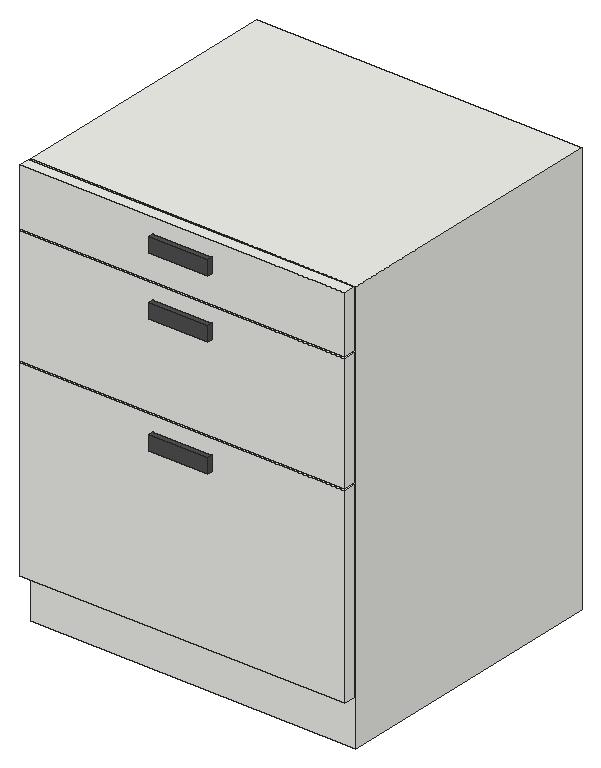
Revit family
Parameters (values of type "20" x 30" x 36"")
  Assembly Code = "E2020"
  Cabinet Material = Metal - Paint Finish - Ivory, Glossy
  Depth = 1' - 8"
  Handles Material = Metal - Chrome
  Height = 2' - 4"
  Width = 1' - 10"
Types (7): name | Height | Width
  (no name) | 2' - 4" | 1' - 10"
  20" x 36" x 36" | 3' - 0" | 3' - 0"
  20" x 42" x 36" | 3' - 0" | 3' - 6"
  20" x 30" x 36" | 2' - 4" | 1' - 10"
  20" x 30" x 45" | 3' - 9" | 2' - 6"
  20" x 36" x 45" | 3' - 9" | 3' - 0"
  20" x 42" x 45" | 3' - 9" | 3' - 6"
Reference planes (in)
  plane 1 "Center (Front/Back)": y = -36.78419
  plane 2: z = 0
  plane 3 "Center (Left/Right)": x = -7.0875
  plane 4: x = -18.0875
  plane 5: x = 3.9125
  plane 6: y = -46.78419
  plane 7: y = -26.78419
  plane 8: z = 3
  plane 9: z = 16
  plane 10: z = 24
  plane 11: z = 28
  plane 12: z = 28
Forms (in)
  Extrusion 1, solid, material "Metal - Paint Finish - Ivory, Glossy" <- "Cabinet Material"
    sketch origin (0, 0, 0) x (1, 0, 0) y (0, 1, 0)
      loop
        line (-18.0875, -26.78419) -> (-18.0875, -45.90919) -> (3.9125, -45.90919) -> (3.9125, -26.78419) -> (-18.0875, -26.78419)
    from 0 to 28
  Extrusion 2, solid, material "Metal - Paint Finish - Ivory, Glossy" <- "Cabinet Material"
    sketch origin (-18.0875, -46.78419, 28) x (0, 0, -1) y (1, 0, 0)
      loop
        line (3.875, 0) -> (3.875, 22) -> (0, 22) -> (0, 0) -> (3.875, 0)
    from 0 to -0.75
  Extrusion 3, solid, material "Metal - Paint Finish - Ivory, Glossy" <- "Cabinet Material"
    sketch origin (-18.0875, -46.78419, 28) x (0, 0, -1) y (1, 0, 0)
      loop
        line (4, 0) -> (11.875, 0) -> (11.875, 22) -> (4, 22) -> (4, 0)
    from 0 to -0.75
  Extrusion 4, solid, material "Metal - Paint Finish - Ivory, Glossy" <- "Cabinet Material"
    sketch origin (-18.0875, -46.78419, 28) x (0, 0, -1) y (1, 0, 0)
      loop
        line (12, 0) -> (24.875, 0) -> (24.875, 22) -> (12, 22) -> (12, 0)
    from 0 to -0.75
  Extrusion 5, solid, material "Metal - Chrome" <- "Handles Material"
    sketch origin (0, -46.78419, 0) x (1, 0, 0) y (0, 0, 1)
      loop
        line (-9.0875, 27) -> (-9.0875, 26) -> (-5.0875, 26) -> (-5.0875, 27) -> (-9.0875, 27)
      loop
        line (-9.0875, 23) -> (-9.0875, 22) -> (-5.0875, 22) -> (-5.0875, 23) -> (-9.0875, 23)
      loop
        line (-9.0875, 15) -> (-9.0875, 14) -> (-5.0875, 14) -> (-5.0875, 15) -> (-9.0875, 15)
    from 0 to 0.375
Lines and regions (in)
  Masking region 1
    outline origin (0, 0, 0) x (1, 0, 0) y (0, 1, 0)
      loop
        line (-18.0875, -26.78419) -> (-18.0875, -46.78419) -> (3.9125, -46.78419) -> (3.9125, -26.78419) -> (-18.0875, -26.78419)
  model lines
    curve 1: line (-9.0875, -46.78419, 15) -> (-5.0875, -46.78419, 15)
    curve 2: line (-9.0875, -46.78419, 14) -> (-9.0875, -46.78419, 15)
    curve 3: line (-5.0875, -46.78419, 14) -> (-9.0875, -46.78419, 14)
    curve 4: line (-5.0875, -46.78419, 15) -> (-5.0875, -46.78419, 14)
    curve 5: line (-9.0875, -46.78419, 23) -> (-5.0875, -46.78419, 23)
    curve 6: line (-9.0875, -46.78419, 22) -> (-9.0875, -46.78419, 23)
    curve 7: line (-5.0875, -46.78419, 22) -> (-9.0875, -46.78419, 22)
    curve 8: line (-5.0875, -46.78419, 23) -> (-5.0875, -46.78419, 22)
    curve 9: line (-9.0875, -46.78419, 27) -> (-5.0875, -46.78419, 27)
    curve 10: line (-9.0875, -46.78419, 26) -> (-9.0875, -46.78419, 27)
    curve 11: line (-5.0875, -46.78419, 26) -> (-9.0875, -46.78419, 26)
    curve 12: line (-5.0875, -46.78419, 27) -> (-5.0875, -46.78419, 26)
  symbolic lines
    curve 13: line (-18.0875, -46.03419, 0) -> (3.9125, -46.03419, 0)
Dimensions and locks (in)
  equal spacing: plane 4, plane 3 "Center (Left/Right)", plane 5
  plane 6 to plane 1 "Center (Front/Back)" to plane 7 = 0' - 10", 0' - 10"
  "Depth": plane 6 to plane 7
  "Width": plane 4 to plane 5
  "Height": plane 11 to plane 2
  plane 8 to plane 2 = 0' - 3"
  plane 11 to plane 12 = 0' - 0"
  locked: plane 12 to plane 10 at 4
  locked: plane 10 to plane 9 at 8
  plane 9 to plane 8 = 1' - 1"
  aligned and locked: plane 11 to Extrusion 1
  aligned and locked: Extrusion 1 to plane 2
  aligned and locked: plane 11 to plane 12
  aligned and locked: Masking region 1 sketch curve to plane 4
  aligned and locked: plane 5 to Masking region 1 sketch curve
  aligned and locked: plane 7 to Masking region 1 sketch curve
  aligned and locked: Masking region 1 sketch curve to plane 6
  aligned and locked: plane 5 to curve 13
  aligned and locked: Extrusion 3 to Extrusion 2
Automatic sketch dimensions
  curve 9 to plane 11 = 0' - 1"
  curve 9 to curve 11 = 0' - 1"
  curve 5 to plane 10 = 0' - 1"
  curve 5 to curve 7 = 0' - 1"
  curve 1 to plane 9 = 0' - 1"
  curve 1 to curve 3 = 0' - 1"
  curve 6 to plane 3 "Center (Left/Right)" = 0' - 2"
  curve 2 to plane 3 "Center (Left/Right)" = 0' - 2"
  curve 10 to plane 3 "Center (Left/Right)" = 0' - 2"
  plane 3 "Center (Left/Right)" to curve 5 = 0' - 2"
  plane 3 "Center (Left/Right)" to curve 1 = 0' - 2"
  plane 3 "Center (Left/Right)" to curve 9 = 0' - 2"
  Extrusion 2 sketch curve to plane 4 = 0' - 0"
  Extrusion 2 sketch curve to plane 11 = 0' - 0"
  Extrusion 2 sketch curve to plane 5 = 0' - 0"
  plane 10 to Extrusion 2 sketch curve = 0' - 0 1/8"
  Extrusion 3 sketch curve to plane 5 = 0' - 0"
  Extrusion 3 sketch curve to plane 10 = 0' - 0"
  Extrusion 3 sketch curve to plane 4 = 0' - 0"
  plane 9 to Extrusion 3 sketch curve = 0' - 0 1/8"
  Extrusion 4 sketch curve to plane 5 = 0' - 0"
  Extrusion 4 sketch curve to plane 9 = 0' - 0"
  Extrusion 4 sketch curve to plane 4 = 0' - 0"
  plane 8 to Extrusion 4 sketch curve = 0' - 0 1/8"
  Extrusion 1 sketch curve to plane 4 = 0' - 0"
  Extrusion 1 sketch curve to plane 5 = 0' - 0"
  Extrusion 1 sketch curve to plane 7 = 0' - 0"
  Extrusion 1 sketch curve to plane 6 = 0' - 0 7/8"
  Extrusion 5 sketch curve to plane 3 "Center (Left/Right)" = 0' - 2"  (x3)
  plane 3 "Center (Left/Right)" to Extrusion 5 sketch curve = 0' - 2"  (x3)
  Extrusion 5 sketch curve to plane 9 = 0' - 2"
  Extrusion 5 sketch curve to Extrusion 5 sketch curve = 0' - 1"  (x2)
  Extrusion 5 sketch curve to plane 10 = 0' - 2"
  plane 10 to Extrusion 5 sketch curve = 0' - 2"
  Extrusion 5 sketch curve to plane 11 = 0' - 1"
  curve 13 to plane 4 = 0' - 0"
  curve 13 to plane 6 = 0' - 0 3/4"
